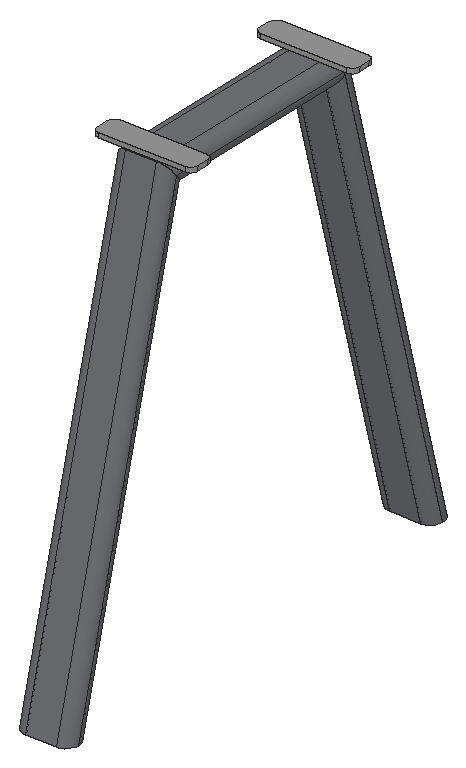
Revit family "FU_Table_Sandler_Plania_PL30210", category Furniture, Revit 2020
Family settings
  OmniClass Number = 23.40.20.00
  OmniClass Title = General Furniture and Specialties
  Work Plane-Based = No
  Always vertical = Yes
  Cut with Voids When Loaded = No
  Shared = No
  Room Calculation Point = No
Parameters (values of type "PL30110")
  Width = 145 mm
  URL = "https://www.sandlerseating.com/product/pl30210/"
  Model = "Plania PL30210"
  Manufacturer = "Sandler"
  Height = 691.322 mm
  Description = "75cm / 30″ high aluminium trestle legs with cable way out for 90cm / 36″ wide Plania table tops. Epoxy finish."
  Depth = 695 mm
  Default Elevation = 0 mm
  Aluminum = M2_G49
Reference planes
  plane 1 "Center (Front/Back)": y = 0
  plane 2: z = 0
  plane 3 "Center (Left/Right)": x = 0
  plane 4 "Right": x = -72.5
  plane 5 "Left": x = 72.5
  plane 6 "Back": y = 347.5
  plane 7 "Front": y = -347.5
  plane 8 "Height": z = 691.322
  plane 9 "Seat height": z = 400
  plane 10 "Leg Right Edge": x = -40.5
  plane 11 "Leg Left Edge": x = 40.5
  plane 12 "Right Leg Angle RIGHT": through (4267.2, -329.116, 8.5) normal (0, -0.9659, 0.2588)
  plane 13 "Left Leg Angle LEFT": through (4267.2, 329.116, 8.5) normal (0, -0.9659, -0.2588)
  plane 14 "Top Leg Center RIGHT": z = 667.222
  plane 15 "Glide Height": z = 5.5
  plane 16 "Support Top": z = 685.322
  plane 17: y = -152.558
  plane 18: z = 589.93
  plane 19: y = 152.558
  plane 20 "Right Leg Angle RIGHT": through (4267.2, -479.116, 8.5) normal (0, -0.9659, 0.2588)
  plane 21: y = -302.558
  plane 22 "Left Leg Angle LEFT": through (4267.2, 479.116, 8.5) normal (0, -0.9659, -0.2588)
  plane 23: y = 302.558
Forms (mm)
  Extrusion 1, solid, material "Rubber, Black"
    sketch origin (0, 0, 691.322) x (-1, 0, 0) y (0, -1, 0)
      loop
        arc (62.5, -165.008) -> (69.571, -162.079) -> (72.5, -155.008) r 10
        line (72.5, -155.008) -> (72.5, -137.508)
        arc (72.5, -137.508) -> (69.571, -130.436) -> (62.5, -127.508) r 10
        line (62.5, -127.508) -> (-62.5, -127.508)
        arc (-62.5, -127.508) -> (-69.571, -130.436) -> (-72.5, -137.508) r 10
        line (-72.5, -137.508) -> (-72.5, -155.008)
        arc (-72.5, -155.008) -> (-69.571, -162.079) -> (-62.5, -165.008) r 10
        line (-62.5, -165.008) -> (62.5, -165.008)
    from -6 to 0
  Extrusion 2, solid, material "Rubber, Black"
    sketch origin (0, 0, 691.322) x (-1, 0, 0) y (0, -1, 0)
      loop
        line (62.5, 165.008) -> (-62.5, 165.008)
        arc (-62.5, 165.008) -> (-69.571, 162.079) -> (-72.5, 155.008) r 10
        line (-72.5, 155.008) -> (-72.5, 137.508)
        arc (-72.5, 137.508) -> (-69.571, 130.436) -> (-62.5, 127.508) r 10
        line (-62.5, 127.508) -> (62.5, 127.508)
        arc (62.5, 127.508) -> (69.571, 130.436) -> (72.5, 137.508) r 10
        line (72.5, 137.508) -> (72.5, 155.008)
        arc (72.5, 155.008) -> (69.571, 162.079) -> (62.5, 165.008) r 10
    from -6 to 0
  Extrusion 3, void
    sketch origin (0, 0, 0) x (0, 1, 0) y (0, 0, 1)
      loop
        line (-349.18, -9.5) -> (-304.958, -9.5) -> (-304.958, 5.5) -> (-349.18, 5.5) -> (-349.18, -9.5)
    from -72.5 to 72.5
  Extrusion 4, void
    sketch origin (0, 0, 0) x (0, -1, 0) y (0, 0, -1)
      loop
        line (-349.18, 9.5) -> (-349.18, -5.5) -> (-304.958, -5.5) -> (-304.958, 9.5) -> (-349.18, 9.5)
    from -72.5 to 72.5
  Extrusion 5, solid
    sketch origin (0, 0, 0) x (1, 0, 0) y (0, 1, 0)
      loop
        arc (-14.25, -325.168) -> (-20.25, -331.168) -> (-14.25, -337.168) r 6
        line (-14.25, -337.168) -> (14.25, -337.168)
        arc (14.25, -337.168) -> (20.25, -331.168) -> (14.25, -325.168) r 6
        line (14.25, -325.168) -> (-14.25, -325.168)
    from 0 to 5.5
  Extrusion 6, solid
    sketch origin (0, 0, 0) x (1, 0, 0) y (0, 1, 0)
      loop
        line (-14.25, 325.168) -> (14.25, 325.168)
        arc (14.25, 325.168) -> (20.25, 331.168) -> (14.25, 337.168) r 6
        line (14.25, 337.168) -> (-14.25, 337.168)
        arc (-14.25, 337.168) -> (-20.25, 331.168) -> (-14.25, 325.168) r 6
    from 0 to 5.5
  Sweep 7, solid, material "M2_G49" <- "Aluminum"
    path origin (0, 0, 0) x (0, 1, 0) y (0, 0, 1)
      loop
        line (-331.168, 0) -> (-152.558, 666.582) -> (152.442, 666.582) -> (331.052, 0)
    profile "Pro Lozenge : W80xH35" origin (0, -241.863, 333.291) x (0, -0.965926, 0.258819) y (1, 0, 0)
      loop
        arc (17.48, 22.6) -> (12.381, 34.911) -> (0.07, 40.01) r 17.41
        arc (0.07, 40.01) -> (-12.361, 34.638) -> (-17.48, 22.1) r 17.913
        line (-17.48, 22.1) -> (-17.48, -22.6)
        arc (-17.48, -22.6) -> (-12.331, -34.96) -> (0.07, -40.01) r 17.41
        arc (0.07, -40.01) -> (12.381, -34.911) -> (17.48, -22.6) r 17.41
        line (17.48, -22.6) -> (17.48, 22.6)
Cuts and joins
  Extrusion 3, Extrusion 4 cuts Sweep 7
Dimensions and locks
  equal spacing: plane 4 "Right", plane 3 "Center (Left/Right)", plane 5 "Left"
  "Width": plane 4 "Right" to plane 5 "Left"
  equal spacing: plane 6 "Back", plane 1 "Center (Front/Back)", plane 7 "Front"
  "Depth": plane 6 "Back" to plane 7 "Front"
  "Height": plane 8 "Height" to level
  plane 9 "Seat height" to level = 400 mm
  locked: plane 7 "Front" to plane 17 at 194.942
  locked: plane 19 to plane 6 "Back" at 194.942
  plane 8 "Height" to plane 16 "Support Top" to plane 14 "Top Leg Center RIGHT" to plane 18 = 6 mm locked, 18.1 mm locked, 77.292 mm locked
  aligned and locked: level to plane 2
  aligned and locked: plane 16 "Support Top" to Extrusion 1
  aligned and locked: plane 8 "Height" to Extrusion 1
  aligned and locked: plane 15 "Glide Height" to Extrusion 5
Automatic sketch dimensions
  Extrusion 1 sketch curve to plane 5 "Left" = 0 mm
  Extrusion 1 sketch curve to plane 4 "Right" = 0 mm
  plane 5 "Left" to Extrusion 1 sketch curve = 10 mm  (x2)
  Extrusion 1 sketch curve to plane 4 "Right" = 10 mm  (x2)
  Extrusion 1 sketch curve to plane 6 "Back" = 182.492 mm
  Extrusion 1 sketch curve to Extrusion 1 sketch curve = 17.5 mm
  Extrusion 2 sketch curve to plane 5 "Left" = 0 mm
  Extrusion 2 sketch curve to plane 4 "Right" = 0 mm
  Extrusion 2 sketch curve to plane 5 "Left" = 10 mm  (x2)
  plane 4 "Right" to Extrusion 2 sketch curve = 10 mm  (x2)
  Extrusion 2 sketch curve to plane 7 "Front" = 182.492 mm
  Extrusion 2 sketch curve to Extrusion 2 sketch curve = 17.5 mm
  Extrusion 3 sketch curve to plane 15 "Glide Height" = 0 mm
  Extrusion 3 sketch curve to plane 7 "Front" = 1.68 mm
  plane 7 "Front" to Extrusion 3 sketch curve = 42.542 mm
  Extrusion 3 sketch curve to level = 9.5 mm
  Extrusion 4 sketch curve to plane 15 "Glide Height" = 0 mm
  Extrusion 4 sketch curve to plane 6 "Back" = 1.68 mm
  plane 6 "Back" to Extrusion 4 sketch curve = 42.542 mm
  level to Extrusion 4 sketch curve = 9.5 mm
  Extrusion 5 sketch curve to plane 3 "Center (Left/Right)" = 14.25 mm
  plane 3 "Center (Left/Right)" to Extrusion 5 sketch curve = 14.25 mm
  plane 7 "Front" to Extrusion 5 sketch curve = 10.332 mm
  Extrusion 5 sketch curve to Extrusion 5 sketch curve = 6 mm
  Extrusion 5 sketch curve to Extrusion 5 sketch curve = 0 mm
  plane 3 "Center (Left/Right)" to Extrusion 6 sketch curve = 14.25 mm
  Extrusion 6 sketch curve to plane 3 "Center (Left/Right)" = 14.25 mm
  plane 6 "Back" to Extrusion 6 sketch curve = 10.332 mm
  Extrusion 6 sketch curve to Extrusion 6 sketch curve = 6 mm
  Extrusion 6 sketch curve to Extrusion 6 sketch curve = 0 mm
  Sweep 7 sketch curve to level = 0 mm  (x2)
  Sweep 7 sketch curve to plane 17 = 0 mm
  plane 14 "Top Leg Center RIGHT" to Sweep 7 sketch curve = 0.641 mm
  plane 7 "Front" to Sweep 7 sketch curve = 16.332 mm
  Sweep 7 sketch curve to plane 19 = 0.115 mm
  Sweep 7 sketch curve to plane 6 "Back" = 16.448 mm
